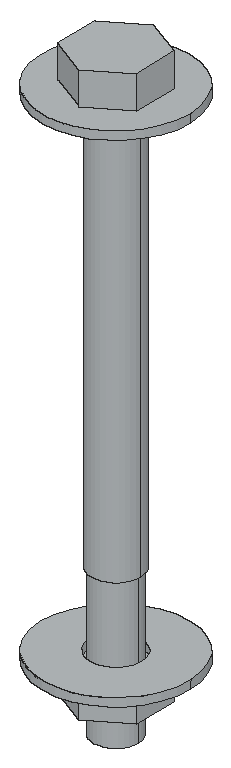
Revit family "Generic ISO Metric Bolt Assembly Geometry", category Generic Models, Revit 2022
Family settings
  Can host rebar = No
  Round Connector Dimension = Use Diameter
  Part Type = Normal
  Work Plane-Based = No
  Always vertical = No
  Cut with Voids When Loaded = No
  Maintain Annotation Orientation = No
  Shared = No
  Room Calculation Point = No
Parameters (values of type "generic")
  tabD2D = "GIMBA -- D2D"  # constant formula
  pg2l = if(Length < 23 mm, 2, if(Length < 100 mm, 5, 10))  # 10
  cu = round((0.1453 * (D / 1 mm) + 0.3479) * pu) / pu * 1 mm  # 2 mm
  cdu3 = 3 * D + round(0) * 1 mm  # 36 mm
  u = cu  # 2 mm
  cdu2 = round(1.8508 * D / 1 mm + 0.7401) * 1 mm  # 23 mm
  cdu1 = if(D < 11 mm, round(10 * 1.0382 * D / 1 mm + 0.1206) / 10 * 1 mm, D + 1 mm)  # 13 mm
  tabG2L = "GIMBA -- G2L"  # constant formula
  s = size_lookup(tabMGeo, "s", cs, D)  # 19 mm
  ck = round(2 * (0.6216 * D / 1 mm + 0.2961)) / 2 * 1 mm  # 8 mm
  g2l = size_lookup(tabG2L, "l", Length + 2 * u + 2 * k, D, round(Length / 1 mm / pg2l) * pg2l * 1 mm)  # 140 mm
  pu = if(D < 10 mm, 10, if(D < 16 mm, 2, 1))  # 2
  pP = if(D < 6 mm, 10, if(D < 14 mm, 4, 2))  # 4
  cd2 = D - 3 * sqrt(3) / 8 * P  # 10.863 mm
  cb4 = 2 * D + 25 mm + round(0) * 1 mm  # 49 mm
  cb3 = 2 * D + 12 mm + round(0) * 1 mm  # 36 mm
  cb2 = 2 * D + 6 mm + round(0) * 1 mm  # 30 mm
  cb = if(Shank, if(l < 125 mm, cb2, if(l < 200 mm, cb3, cb4)), l - ca)  # 36 mm
  ca = round(2 * (0.7122 * (D / 1 mm) ^ 0.7822)) / 2 * 1 mm  # 5 mm
  Default Elevation = 0 mm
  cP = round(0.2365 * (D / 1 mm) ^ 0.7831 * pP) / pP * 1 mm  # 1.75 mm
  URL = "https://www.b-tu.de/en/fg-kommunikationstechnik/team/staff/prof-dr-ing-habil-matthias-wolff"
  P = size_lookup(tabMGeo, "P", cP, D)  # 1.75 mm
  Large Washers = yes
  Length = 120 mm
  cH = sqrt(3) / 2 * P  # 1.516 mm
  Manufacturer = "Matthias Wolff"  # constant formula
  D = if(Nominal Diameter < 3 mm, 3 mm, if(Nominal Diameter > 64 mm, 64 mm, size_lookup(tabD2D, "D", Nominal Diameter, round(Nominal Diameter / 1 mm) * 1 mm)))  # 12 mm
  ru1 = cdu1 / 2  # 6.5 mm
  R = D / 2 + round(0) * 1 mm  # 6 mm
  tabMGeo = "GIMBA -- MGeo"  # constant formula
  g = Length + round(0) * 1 mm  # 120 mm
  cs = round(1.5095 * D / 1 mm + 0.6456) * 1 mm  # 19 mm
  Grip = yes
  Thread Material = GIMBA - Steel galvanized - Thread template
  Material = GIMBA - Steel galvanized
  l = if(Grip, g2l, Length)  # 140 mm
  r2 = cd2 / 2  # 5.432 mm
  k = size_lookup(tabMGeo, "k", ck, D)  # 8 mm
  ru2 = if(Large Washers, cdu3 / 2, cdu2 / 2)  # 18 mm
  Shank = yes
  Description = "Geometry of an ISO metric bolt assembly with washers and hex cap and nut"  # constant formula
  Nominal Diameter = 12 mm
Reference planes
  plane 1 "Mitte (Vorne/hinten)": y = 0
  plane 2 "Reference plane": z = 0
  plane 3 "Mitte (Links/rechts)": x = 0
  plane 4 "Head bottom": z = 2
  plane 5 "Head top": z = 10
  plane 6 "Lower washer top": z = -120
  plane 7 "Nut top": z = -122
  plane 8 "Nut bottom": z = -130
  plane 9 "Bolt bottom": z = -138
  plane 10 "Shank end": z = -102
  plane 11 "ru1": x = 6.5
  plane 12 "ru2": x = 18
  plane 13 "R": x = 6
  plane 14 "r2": x = 5.432
  plane 15 "Simplified bolt end": z = -138
Forms (mm)
  Sweep 1, solid, material "GIMBA - Steel galvanized" <- "Material", detail levels medium+fine
    path origin (0, 0, 0) x (1, 0, 0) y (0, 0, 1)
      loop
        line (0, 2) -> (0, 10)
    profile "Hexagonal Profile : generic" origin (0, 0, 6) x (-1, 0, 0) y (0, -1, 0)
      loop
        line (-9.5, 5.485) -> (-9.5, -5.485) -> (0, -10.97) -> (9.5, -5.485) -> (9.5, 5.485) -> (0, 10.97) -> (-9.5, 5.485)
  Sweep 2, solid, material "GIMBA - Steel galvanized" <- "Material", visible <- "Grip", detail levels medium+fine
    path origin (0, 0, -109.5) x (1, 0, 0) y (0, 0, 1)
      loop
        line (0, -20.5) -> (0, -12.5)
    profile "Hexagonal Profile : generic" origin (0, 0, -126) x (-1, 0, 0) y (0, -1, 0)
      loop
        line (-9.5, 5.485) -> (-9.5, -5.485) -> (0, -10.97) -> (9.5, -5.485) -> (9.5, 5.485) -> (0, 10.97) -> (-9.5, 5.485)
  Extrusion 3, void
    sketch origin (0, 0, 0) x (1, 0, 0) y (0, 1, 0)
      loop
        circle (0, 0) r 5.432
    from -130 to -122
  Extrusion 4, solid, material "GIMBA - Steel galvanized" <- "Material", detail levels medium+fine
    sketch origin (0, 0, 0) x (1, 0, 0) y (0, 1, 0)
      loop
        circle (0, 0) r 18
      loop
        circle (0, 0) r 6.5
    from 0 to 2
  Extrusion 5, solid, material "GIMBA - Steel galvanized" <- "Material", visible <- "Grip", detail levels medium+fine
    sketch origin (0, 0, 0) x (1, 0, 0) y (0, 1, 0)
      loop
        circle (0, 0) r 18
      loop
        circle (0, 0) r 6.5
    from -122 to -120
  Extrusion 6, solid, material "GIMBA - Steel galvanized" <- "Material", detail levels fine
    sketch origin (0, 0, 0) x (1, 0, 0) y (0, 1, 0)
      loop
        circle (0, 0) r 6
    from -102 to 2
  Extrusion 7, solid, material "GIMBA - Steel galvanized - Thread template" <- "Thread Material", detail levels fine
    sketch origin (0, 0, 0) x (1, 0, 0) y (0, 1, 0)
      loop
        circle (0, 0) r 5.432
    from -138 to -102
  Extrusion 8, solid, material "GIMBA - Steel galvanized" <- "Material", visible <- "Grip", detail levels medium
    sketch origin (0, 0, 0) x (1, 0, 0) y (0, 1, 0)
      loop
        circle (0, 0) r 5.432
    from -138 to -120
Cuts and joins
  Extrusion 3 cuts Sweep 1
  Extrusion 3 cuts Sweep 2
Dimensions and locks
  "u": plane 4 "Head bottom" to plane 2 "Reference plane"
  "k": plane 5 "Head top" to plane 4 "Head bottom"
  "g": plane 2 "Reference plane" to plane 6 "Lower washer top"
  "u": plane 6 "Lower washer top" to plane 7 "Nut top"
  "k": plane 7 "Nut top" to plane 8 "Nut bottom"
  "l": plane 4 "Head bottom" to plane 9 "Bolt bottom"
  "cb": plane 10 "Shank end" to plane 9 "Bolt bottom"
  "ru1": plane 11 "ru1" to plane 3 "Mitte (Links/rechts)"
  "ru2": plane 12 "ru2" to plane 3 "Mitte (Links/rechts)"
  "R": plane 13 "R" to plane 3 "Mitte (Links/rechts)"
  "r2": plane 14 "r2" to plane 3 "Mitte (Links/rechts)"
  "k": plane 8 "Nut bottom" to plane 15 "Simplified bolt end"
  "r2": radius of Extrusion 3 sketch curve
  "ru2": radius of Extrusion 4 sketch curve
  "ru1": radius of Extrusion 4 sketch curve
  "ru2": radius of Extrusion 5 sketch curve
  "ru1": radius of Extrusion 5 sketch curve
  "R": radius of Extrusion 6 sketch curve
  "r2": radius of Extrusion 7 sketch curve
  "r2": radius of Extrusion 8 sketch curve
  aligned and locked: plane 3 "Mitte (Links/rechts)" to Sweep 1 sketch curve
  aligned and locked: plane 5 "Head top" to Sweep 1 sketch curve
  aligned and locked: plane 3 "Mitte (Links/rechts)" to Extrusion 3 sketch curve
  aligned and locked: plane 1 "Mitte (Vorne/hinten)" to Extrusion 3 sketch curve
  aligned and locked: Extrusion 3 to plane 8 "Nut bottom"
  aligned and locked: plane 7 "Nut top" to Extrusion 3
  aligned and locked: plane 7 "Nut top" to cut or joined group of Sweep 2, Extrusion 3
  aligned and locked: plane 8 "Nut bottom" to Sweep 2 sketch curve
  aligned and locked: plane 4 "Head bottom" to cut or joined group of Sweep 1, Extrusion 3
  aligned and locked: plane 5 "Head top" to cut or joined group of Sweep 1, Extrusion 3
  aligned and locked: plane 8 "Nut bottom" to cut or joined group of Sweep 2, Extrusion 3
  aligned and locked: level to plane 2 "Reference plane"
  aligned and locked: plane 3 "Mitte (Links/rechts)" to Extrusion 4 sketch curve  (x2)
  aligned and locked: plane 1 "Mitte (Vorne/hinten)" to Extrusion 4 sketch curve  (x2)
  aligned and locked: plane 4 "Head bottom" to Extrusion 4
  aligned and locked: Extrusion 4 to plane 2 "Reference plane"
  aligned and locked: plane 3 "Mitte (Links/rechts)" to Extrusion 5 sketch curve  (x2)
  aligned and locked: plane 1 "Mitte (Vorne/hinten)" to Extrusion 5 sketch curve  (x2)
  aligned and locked: plane 6 "Lower washer top" to Extrusion 5
  aligned and locked: Extrusion 5 to plane 7 "Nut top"
  aligned and locked: plane 1 "Mitte (Vorne/hinten)" to Extrusion 6 sketch curve
  aligned and locked: plane 3 "Mitte (Links/rechts)" to Extrusion 6 sketch curve
  aligned and locked: plane 4 "Head bottom" to Extrusion 6
  aligned and locked: Extrusion 6 to plane 10 "Shank end"
  aligned and locked: plane 3 "Mitte (Links/rechts)" to Extrusion 7 sketch curve
  aligned and locked: plane 1 "Mitte (Vorne/hinten)" to Extrusion 7 sketch curve
  aligned and locked: plane 10 "Shank end" to Extrusion 7
  aligned and locked: Extrusion 7 to plane 9 "Bolt bottom"
  aligned and locked: plane 1 "Mitte (Vorne/hinten)" to Extrusion 8 sketch curve
  aligned and locked: Extrusion 8 to plane 15 "Simplified bolt end"
  aligned and locked: plane 6 "Lower washer top" to Extrusion 8
Automatic sketch dimensions
  Sweep 1 sketch curve to plane 4 "Head bottom" = 0 mm
  Sweep 2 sketch curve to plane 3 "Mitte (Links/rechts)" = 0 mm
  Sweep 2 sketch curve to plane 7 "Nut top" = 0 mm
  Extrusion 8 sketch curve to plane 3 "Mitte (Links/rechts)" = 0 mm
